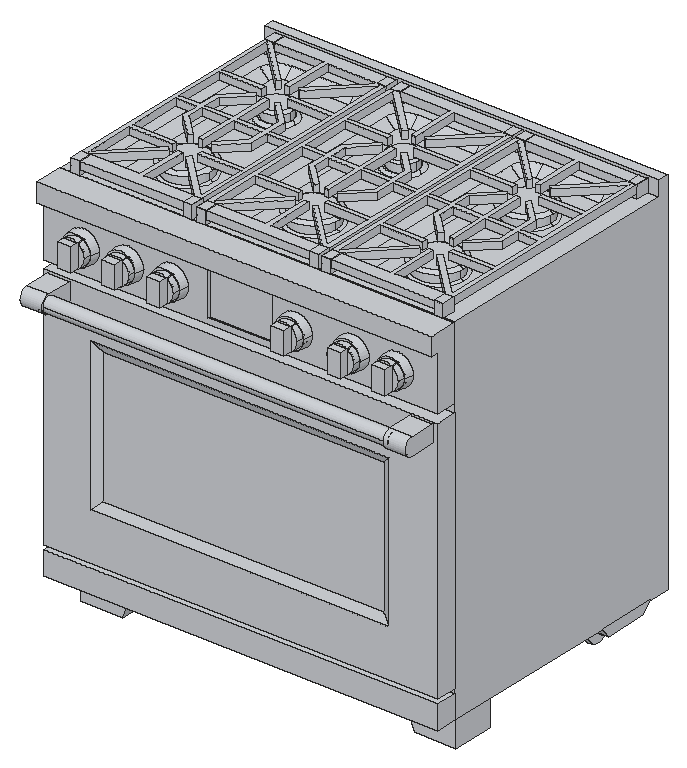
Revit family "DF36650_S_P", category Generic Models, Revit 2020
Family settings
  Can host rebar = No
  Round Connector Dimension = Use Diameter
  Part Type = Normal
  Work Plane-Based = No
  Always vertical = Yes
  Cut with Voids When Loaded = No
  Shared = No
  Room Calculation Point = No
Parameters
  Default Elevation = 0' - 0"
Reference planes (in)
  plane 1 "Center (Front/Back)": y = 0
  plane 2: z = 0
  plane 3 "Center (Left/Right)": x = 0
Forms (in)
  Extrusion 1, solid
    sketch origin (0, 0, 0) x (0, 1, 0) y (0, 0, 1)
      loop
        line (1.88976, 35.59055) -> (-0.70866, 35.59055) -> (-0.70866, 33.89764) -> (0, 33.89764) -> (0, 28.9252) -> (1.88976, 28.9252) -> (1.88976, 35.59055)
    from 0 to 35.86614
  Extrusion 2, solid
    sketch origin (0, 0, 0) x (0, 1, 0) y (0, 0, 1)
      loop
        line (26.14173, 36.9685) -> (25.15748, 36.9685) -> (25.15748, 35.59055) -> (1.9685, 35.59055) -> (1.9685, 3.14961) -> (26.14173, 3.14961) -> (26.14173, 36.9685)
    from 0 to 35.86614
  Extrusion 3, solid
    sketch origin (0, 0, 0) x (0, 1, 0) y (0, 0, 1)
      loop
        line (1.9685, 5.31496) -> (0, 5.31496) -> (0, 3.14961) -> (1.9685, 3.14961) -> (1.9685, 5.31496)
    from 0 to 35.86614
  Extrusion 4, solid
    sketch origin (0, 0, 0) x (0, 1, 0) y (0, 0, 1)
      loop
        line (0, 28.18898) -> (0, 5.70866) -> (1.9685, 5.70866) -> (1.9685, 28.18898) -> (0, 28.18898)
    from 0 to 35.86614
  Extrusion 5, solid
    sketch origin (0, 0, 0) x (0, 1, 0) y (0, 0, 1)
      loop
        line (0, 26.41732) -> (0, 27.99213) -> (-2.3622, 27.99213)
        arc (-2.3622, 27.99213) -> (-3.14961, 27.20472) -> (-2.3622, 26.41732) r 0.7874
        line (-2.3622, 26.41732) -> (0, 26.41732)
    from 0.40557 to 2.36419
  Extrusion 6, solid
    sketch origin (26.75, 0, 0) x (0, 1, 0) y (0, 0, 1)
      loop
        line (0, 26.41732) -> (0, 27.99213) -> (-2.3622, 27.99213)
        arc (-2.3622, 27.99213) -> (-3.14961, 27.20472) -> (-2.3622, 26.41732) r 0.7874
        line (-2.3622, 26.41732) -> (0, 26.41732)
    from 6.69488 to 8.70866
  Extrusion 7, solid
    sketch origin (0, 0, 0) x (0, 1, 0) y (0, 0, 1)
      loop
        circle (-2.41707, 27.24489) r 0.66649
    from 1.8261 to 33.83672
  Extrusion 8, solid
    sketch origin (0, 0, 0) x (1, 0, 0) y (0, 0, 1)
      loop
        line (0.84646, 3.14961) -> (0.84646, 0) -> (4.66535, 0) -> (5.90551, 3.14961) -> (0.84646, 3.14961)
    from -7.02923 to -3.18791
  Extrusion 9, solid
    sketch origin (5.98425, 0, 0) x (1, 0, 0) y (0, 0, 1)
      loop
        line (23.97638, 3.14961) -> (25.21654, 0) -> (29.03543, 0) -> (29.03543, 3.14961) -> (23.97638, 3.14961)
    from -7.02923 to -3.18791
  Extrusion 10, solid
    sketch origin (0, 0, 0) x (0, 1, 0) y (0, 0, 1)
      loop
        line (24.17323, 3.14961) -> (18.66142, 3.14961) -> (19.45248, 2.27893) -> (23.38927, 2.27893) -> (24.17323, 3.14961)
    from 0 to 4.72441
  Extrusion 11, solid
    sketch origin (0, 0, 0) x (0, 1, 0) y (0, 0, 1)
      loop
        line (22.5954, 2.27893) -> (20.23924, 2.27893) -> (21.02362, 1.10236) -> (21.81102, 1.10236) -> (22.5954, 2.27893)
    from 1.5748 to 3.93701
  Extrusion 12, solid
    sketch origin (0, 0, 0) x (0, 1, 0) y (0, 0, 1)
      loop
        circle (21.41732, 1.10236) r 1.1236
    from 2.55906 to 2.95276
  Extrusion 13, solid
    sketch origin (31.14173, 0, 0) x (0, 1, 0) y (0, 0, 1)
      loop
        line (24.17323, 3.14961) -> (18.66142, 3.14961) -> (19.45248, 2.27893) -> (23.38927, 2.27893) -> (24.17323, 3.14961)
    from 0 to 4.72441
  Extrusion 14, solid
    sketch origin (30.35735, 0, 0) x (0, 1, 0) y (0, 0, 1)
      loop
        line (22.5954, 2.27893) -> (20.23924, 2.27893) -> (21.02362, 1.10236) -> (21.81102, 1.10236) -> (22.5954, 2.27893)
    from 1.5748 to 3.93701
  Extrusion 15, solid
    sketch origin (30.35735, 0, 0) x (0, 1, 0) y (0, 0, 1)
      loop
        circle (21.41732, 1.10236) r 1.1236
    from 2.55906 to 2.95276
  Blend 16, solid
    base sketch origin (0, 0, 0) x (1, 0, 0) y (0, 0, 1)
      loop
        circle (3.62205, 31.31299) r 1.45314
    top sketch origin (0, 0, 0) x (1, 0, 0) y (0, 0, 1)
      loop
        circle (3.62205, 31.31299) r 1.33532
    from 0 to 0.7874
  Extrusion 17, solid
    sketch origin (0, 0, 0) x (1, 0, 0) y (0, 0, 1)
      loop
        circle (3.62205, 31.31299) r 1.21601
    from 0 to 1.37795
  Extrusion 18, solid
    sketch origin (0, 0, 0) x (1, 0, 0) y (0, 0, 1)
      loop
        line (3.0315, 32.37598) -> (3.0315, 30.29013) -> (4.2126, 30.29013) -> (4.2126, 32.37598) -> (3.0315, 32.37598)
    from 0 to 2.15573
  Blend 19, solid, not visible
    base sketch origin (0, 0, 0) x (1, 0, 0) y (0, 0, 1)
      loop
        circle (3.62205, 31.31299) r 1.45314
    top sketch origin (0, 0, 0) x (1, 0, 0) y (0, 0, 1)
      loop
        circle (3.62205, 31.31299) r 1.33532
    from 0 to 0.7874
  Extrusion 20, solid, not visible
    sketch origin (0, 0, 0) x (1, 0, 0) y (0, 0, 1)
      loop
        circle (3.62205, 31.31299) r 1.21601
    from 0 to 1.37795
  Extrusion 21, solid, not visible
    sketch origin (0, 0, 0) x (1, 0, 0) y (0, 0, 1)
      loop
        line (3.0315, 32.37598) -> (3.0315, 30.29013) -> (4.2126, 30.29013) -> (4.2126, 32.37598) -> (3.0315, 32.37598)
    from 0 to 2.15573
  Blend 22, solid
    base sketch origin (4.01575, 0, 0) x (1, 0, 0) y (0, 0, 1)
      loop
        circle (3.62205, 31.31299) r 1.45314
    top sketch origin (4.01575, 0, 0) x (1, 0, 0) y (0, 0, 1)
      loop
        circle (3.62205, 31.31299) r 1.33532
    from 0 to 0.7874
  Extrusion 23, solid
    sketch origin (4.01575, 0, 0) x (1, 0, 0) y (0, 0, 1)
      loop
        circle (3.62205, 31.31299) r 1.21601
    from 0 to 1.37795
  Extrusion 24, solid
    sketch origin (4.01575, 0, 0) x (1, 0, 0) y (0, 0, 1)
      loop
        line (3.0315, 32.37598) -> (3.0315, 30.29013) -> (4.2126, 30.29013) -> (4.2126, 32.37598) -> (3.0315, 32.37598)
    from 0 to 2.15573
  Blend 25, solid
    base sketch origin (8.09755, 0, 0) x (1, 0, 0) y (0, 0, 1)
      loop
        circle (3.62205, 31.31299) r 1.45314
    top sketch origin (8.09755, 0, 0) x (1, 0, 0) y (0, 0, 1)
      loop
        circle (3.62205, 31.31299) r 1.33532
    from 0 to 0.7874
  Extrusion 26, solid
    sketch origin (8.09755, 0, 0) x (1, 0, 0) y (0, 0, 1)
      loop
        circle (3.62205, 31.31299) r 1.21601
    from 0 to 1.37795
  Extrusion 27, solid
    sketch origin (8.09755, 0, 0) x (1, 0, 0) y (0, 0, 1)
      loop
        line (3.0315, 32.37598) -> (3.0315, 30.29013) -> (4.2126, 30.29013) -> (4.2126, 32.37598) -> (3.0315, 32.37598)
    from 0 to 2.15573
  Blend 28, solid
    base sketch origin (19.36322, 0, 0) x (1, 0, 0) y (0, 0, 1)
      loop
        circle (3.62205, 31.31299) r 1.45314
    top sketch origin (19.36322, 0, 0) x (1, 0, 0) y (0, 0, 1)
      loop
        circle (3.62205, 31.31299) r 1.33532
    from 0 to 0.7874
  Extrusion 29, solid
    sketch origin (19.36322, 0, 0) x (1, 0, 0) y (0, 0, 1)
      loop
        circle (3.62205, 31.31299) r 1.21601
    from 0 to 1.37795
  Extrusion 30, solid
    sketch origin (19.36322, 0, 0) x (1, 0, 0) y (0, 0, 1)
      loop
        line (3.0315, 32.37598) -> (3.0315, 30.29013) -> (4.2126, 30.29013) -> (4.2126, 32.37598) -> (3.0315, 32.37598)
    from 0 to 2.15573
  Blend 31, solid
    base sketch origin (24.52756, 0, 0) x (1, 0, 0) y (0, 0, 1)
      loop
        circle (3.62205, 31.31299) r 1.45314
    top sketch origin (24.52756, 0, 0) x (1, 0, 0) y (0, 0, 1)
      loop
        circle (3.62205, 31.31299) r 1.33532
    from 0 to 0.7874
  Extrusion 32, solid
    sketch origin (24.52756, 0, 0) x (1, 0, 0) y (0, 0, 1)
      loop
        circle (3.62205, 31.31299) r 1.21601
    from 0 to 1.37795
  Extrusion 33, solid
    sketch origin (24.52756, 0, 0) x (1, 0, 0) y (0, 0, 1)
      loop
        line (3.0315, 32.37598) -> (3.0315, 30.29013) -> (4.2126, 30.29013) -> (4.2126, 32.37598) -> (3.0315, 32.37598)
    from 0 to 2.15573
  Extrusion 34, void
    sketch origin (0, 0, 0) x (1, 0, 0) y (0, 0, 1)
      loop
        line (20.89567, 33.47638) -> (14.96654, 33.47638) -> (14.96654, 29.46063) -> (20.89567, 29.46063) -> (20.89567, 33.47638)
    from -0.22861 to 12
  Blend 35, void
    base sketch origin (0, 0, 0) x (1, 0, 0) y (0, 0, 1)
      loop
        line (5.09843, 23.05118) -> (5.09843, 10.84646) -> (30.62992, 10.84646) -> (30.62992, 23.05118) -> (5.09843, 23.05118)
    top sketch origin (0, 0, 0) x (1, 0, 0) y (0, 0, 1)
      loop
        line (31.41732, 23.83858) -> (4.31102, 23.83858) -> (4.31102, 10.05905) -> (31.41732, 10.05905) -> (31.41732, 23.83858)
    from -0.3937 to 0
  Blend 36, void
    base sketch origin (-0.55118, 0, 0) x (1, 0, 0) y (0, 1, 0)
      loop
        arc (4.14855, 22.95276) -> (3.56747, 22.71206) -> (3.32677, 22.13098) r 0.82178
        line (3.32677, 22.13098) -> (3.32677, 4.8769)
        arc (3.32677, 4.8769) -> (3.56747, 4.29581) -> (4.14855, 4.05512) r 0.82178
        line (4.14855, 4.05512) -> (9.98531, 4.05512)
        arc (9.98531, 4.05512) -> (10.56639, 4.29581) -> (10.80709, 4.8769) r 0.82178
        line (10.80709, 4.8769) -> (10.80709, 22.13098)
        arc (10.80709, 22.13098) -> (10.56639, 22.71206) -> (9.98531, 22.95276) r 0.82178
        line (9.98531, 22.95276) -> (4.14855, 22.95276)
    top sketch origin (-0.55118, 0, 0) x (1, 0, 0) y (0, 1, 0)
      loop
        arc (4.12346, 23.74016) -> (2.98272, 23.26764) -> (2.5102, 22.1269) r 1.61326
        line (2.5102, 22.1269) -> (2.5102, 4.8769)
        arc (2.5102, 4.8769) -> (2.98101, 3.74026) -> (4.11765, 3.26945) r 1.60744
        line (4.11765, 3.26945) -> (10.0306, 3.26945)
        arc (10.0306, 3.26945) -> (11.13644, 3.7275) -> (11.59449, 4.83334) r 1.56388
        line (11.59449, 4.83334) -> (11.59449, 22.13098)
        arc (11.59449, 22.13098) -> (11.12317, 23.26884) -> (9.98531, 23.74016) r 1.60918
        line (9.98531, 23.74016) -> (4.12346, 23.74016)
    from 34.80848 to 35.59055
  Blend 37, void
    base sketch origin (22.28547, 0, 0) x (1, 0, 0) y (0, 1, 0)
      loop
        arc (4.14855, 22.95276) -> (3.56747, 22.71206) -> (3.32677, 22.13098) r 0.82178
        line (3.32677, 22.13098) -> (3.32677, 4.8769)
        arc (3.32677, 4.8769) -> (3.56747, 4.29581) -> (4.14855, 4.05512) r 0.82178
        line (4.14855, 4.05512) -> (9.98531, 4.05512)
        arc (9.98531, 4.05512) -> (10.56639, 4.29581) -> (10.80709, 4.8769) r 0.82178
        line (10.80709, 4.8769) -> (10.80709, 22.13098)
        arc (10.80709, 22.13098) -> (10.56639, 22.71206) -> (9.98531, 22.95276) r 0.82178
        line (9.98531, 22.95276) -> (4.14855, 22.95276)
    top sketch origin (22.28547, 0, 0) x (1, 0, 0) y (0, 1, 0)
      loop
        arc (4.12346, 23.74016) -> (2.98272, 23.26764) -> (2.5102, 22.1269) r 1.61326
        line (2.5102, 22.1269) -> (2.5102, 4.8769)
        arc (2.5102, 4.8769) -> (2.98101, 3.74026) -> (4.11765, 3.26945) r 1.60744
        line (4.11765, 3.26945) -> (10.0306, 3.26945)
        arc (10.0306, 3.26945) -> (11.13644, 3.7275) -> (11.59449, 4.83334) r 1.56388
        line (11.59449, 4.83334) -> (11.59449, 22.13098)
        arc (11.59449, 22.13098) -> (11.12317, 23.26884) -> (9.98531, 23.74016) r 1.60918
        line (9.98531, 23.74016) -> (4.12346, 23.74016)
    from 34.80848 to 35.59055
  Extrusion 38, solid
    sketch origin (-0.55118, 0, 0) x (1, 0, 0) y (0, 1, 0)
      loop
        line (1.55512, 25.15748) -> (1.55512, 1.88976) -> (12.57874, 1.88976) -> (12.57874, 25.15748) -> (1.55512, 25.15748)
      loop
        line (2.22659, 23.93701) -> (6.25887, 19.90473) -> (5.97639, 19.62225) -> (1.94342, 23.65522) -> (1.94342, 18.58268) -> (5.88583, 18.58268) -> (5.88583, 18.18898) -> (1.94342, 18.18898) -> (1.94342, 13.70079) -> (3.91732, 13.70079) -> (3.91732, 15.35713) -> (5.94192, 17.38172) -> (6.22031, 17.10333) -> (4.31102, 15.19405) -> (4.31102, 13.70079) -> (6.87008, 13.70079) -> (6.87008, 17.27886) -> (7.26545, 17.27886) -> (7.26545, 13.70079) -> (9.82036, 13.70079) -> (9.82036, 15.19738) -> (7.91548, 17.10225) -> (8.19345, 17.38021) -> (10.21654, 15.35713) -> (10.21654, 13.70079) -> (12.18504, 13.70079) -> (12.18504, 18.18898) -> (8.24803, 18.18898) -> (8.24803, 18.58268) -> (12.18504, 18.58268) -> (12.18504, 23.65908) -> (8.15161, 19.62565) -> (7.86344, 19.91382) -> (11.88664, 23.93701) -> (7.26378, 23.93701) -> (7.26378, 19.6063) -> (6.87008, 19.6063) -> (6.87008, 23.93701) -> (2.22659, 23.93701)
      loop
        line (9.82036, 11.79288) -> (9.82036, 13.30709) -> (7.26545, 13.30709) -> (7.26545, 9.74409) -> (6.87008, 9.74409) -> (6.87008, 13.30709) -> (4.31102, 13.30709) -> (4.31102, 11.81382) -> (6.22187, 9.90297) -> (5.94348, 9.62459) -> (3.91732, 11.65075) -> (3.91732, 13.31073) -> (1.94342, 13.31073) -> (1.94342, 8.38583) -> (5.88583, 8.38583) -> (5.88583, 7.99213) -> (1.94342, 7.99213) -> (1.94342, 3.37305) -> (5.97438, 7.40401) -> (6.26736, 7.11102) -> (2.22655, 3.07021) -> (6.86986, 3.07021) -> (6.86986, 7.40401) -> (7.26545, 7.40401) -> (7.26545, 3.07021) -> (11.90457, 3.07021) -> (7.84812, 7.12666) -> (8.11918, 7.39772) -> (12.18504, 3.33186) -> (12.18504, 7.99213) -> (8.24803, 7.99213) -> (8.24803, 8.38583) -> (12.18504, 8.38583) -> (12.18504, 13.30709) -> (10.21654, 13.30709) -> (10.21654, 11.65075) -> (8.19038, 9.62459) -> (7.92122, 9.89374) -> (9.82036, 11.79288)
    from 36.10253 to 36.77165
  Extrusion 39, solid
    sketch origin (-0.55118, 0, 0) x (1, 0, 0) y (0, 1, 0)
      loop
        line (11.79134, 3.07021) -> (11.79134, 1.88976) -> (12.57874, 1.88976) -> (12.57874, 3.07021) -> (11.79134, 3.07021)
      loop
        line (12.57874, 25.11811) -> (11.79134, 25.11811) -> (11.79134, 23.93701) -> (12.57874, 23.93701) -> (12.57874, 25.11811)
      loop
        line (1.55512, 25.11811) -> (1.55512, 23.93701) -> (2.34252, 23.93701) -> (2.34252, 25.11811) -> (1.55512, 25.11811)
      loop
        line (2.34252, 3.07021) -> (1.55512, 3.07021) -> (1.55512, 1.88976) -> (2.34252, 1.88976) -> (2.34252, 3.07021)
    from 35.59055 to 36.77165
  Extrusion 40, solid
    sketch origin (22.2818, 0, 0) x (1, 0, 0) y (0, 1, 0)
      loop
        line (1.55512, 25.15748) -> (1.55512, 1.88976) -> (12.57874, 1.88976) -> (12.57874, 25.15748) -> (1.55512, 25.15748)
      loop
        line (2.22659, 23.93701) -> (6.25887, 19.90473) -> (5.97639, 19.62225) -> (1.94342, 23.65522) -> (1.94342, 18.58268) -> (5.88583, 18.58268) -> (5.88583, 18.18898) -> (1.94342, 18.18898) -> (1.94342, 13.70079) -> (3.91732, 13.70079) -> (3.91732, 15.35713) -> (5.94192, 17.38172) -> (6.22031, 17.10333) -> (4.31102, 15.19405) -> (4.31102, 13.70079) -> (6.87008, 13.70079) -> (6.87008, 17.27886) -> (7.26545, 17.27886) -> (7.26545, 13.70079) -> (9.82036, 13.70079) -> (9.82036, 15.19738) -> (7.91548, 17.10225) -> (8.19345, 17.38021) -> (10.21654, 15.35713) -> (10.21654, 13.70079) -> (12.18504, 13.70079) -> (12.18504, 18.18898) -> (8.24803, 18.18898) -> (8.24803, 18.58268) -> (12.18504, 18.58268) -> (12.18504, 23.65908) -> (8.15161, 19.62565) -> (7.86344, 19.91382) -> (11.88664, 23.93701) -> (7.26378, 23.93701) -> (7.26378, 19.6063) -> (6.87008, 19.6063) -> (6.87008, 23.93701) -> (2.22659, 23.93701)
      loop
        line (9.82036, 11.79288) -> (9.82036, 13.30709) -> (7.26545, 13.30709) -> (7.26545, 9.74409) -> (6.87008, 9.74409) -> (6.87008, 13.30709) -> (4.31102, 13.30709) -> (4.31102, 11.81382) -> (6.22187, 9.90297) -> (5.94348, 9.62459) -> (3.91732, 11.65075) -> (3.91732, 13.31073) -> (1.94342, 13.31073) -> (1.94342, 8.38583) -> (5.88583, 8.38583) -> (5.88583, 7.99213) -> (1.94342, 7.99213) -> (1.94342, 3.37305) -> (5.97438, 7.40401) -> (6.26736, 7.11102) -> (2.22655, 3.07021) -> (6.86986, 3.07021) -> (6.86986, 7.40401) -> (7.26545, 7.40401) -> (7.26545, 3.07021) -> (11.90457, 3.07021) -> (7.84812, 7.12666) -> (8.11918, 7.39772) -> (12.18504, 3.33186) -> (12.18504, 7.99213) -> (8.24803, 7.99213) -> (8.24803, 8.38583) -> (12.18504, 8.38583) -> (12.18504, 13.30709) -> (10.21654, 13.30709) -> (10.21654, 11.65075) -> (8.19038, 9.62459) -> (7.92122, 9.89374) -> (9.82036, 11.79288)
    from 36.10253 to 36.77165
  Extrusion 41, solid
    sketch origin (22.2818, 0, 0) x (1, 0, 0) y (0, 1, 0)
      loop
        line (11.79134, 3.07021) -> (11.79134, 1.88976) -> (12.57874, 1.88976) -> (12.57874, 3.07021) -> (11.79134, 3.07021)
      loop
        line (12.57874, 25.11811) -> (11.79134, 25.11811) -> (11.79134, 23.93701) -> (12.57874, 23.93701) -> (12.57874, 25.11811)
      loop
        line (1.55512, 25.11811) -> (1.55512, 23.93701) -> (2.34252, 23.93701) -> (2.34252, 25.11811) -> (1.55512, 25.11811)
      loop
        line (2.34252, 3.07021) -> (1.55512, 3.07021) -> (1.55512, 1.88976) -> (2.34252, 1.88976) -> (2.34252, 3.07021)
    from 35.59055 to 36.77165
  Blend 42, solid
    base sketch origin (-0.55118, 0, 0) x (1, 0, 0) y (0, 1, 0)
      loop
        circle (7.09071, 18.35456) r 1.75898
    top sketch origin (-0.55118, 0, 0) x (1, 0, 0) y (0, 1, 0)
      loop
        circle (7.09071, 18.35456) r 1.42487
    from 34.80848 to 34.99711
  Blend 43, solid
    base sketch origin (-0.55118, -10.19685, 0) x (1, 0, 0) y (0, 1, 0)
      loop
        circle (7.09071, 18.35456) r 2.38325
    top sketch origin (-0.55118, -10.19685, 0) x (1, 0, 0) y (0, 1, 0)
      loop
        circle (7.09071, 18.35456) r 2
    from 34.80848 to 34.99711
  Extrusion 44, solid
    sketch origin (-0.55118, 0, 0) x (1, 0, 0) y (0, 1, 0)
      loop
        circle (7.10752, 18.34098) r 1.28657
    from 34.80848 to 35.7874
  Extrusion 45, solid
    sketch origin (-0.55118, -10.19685, 0) x (1, 0, 0) y (0, 1, 0)
      loop
        circle (7.10752, 18.34098) r 2.08832
    from 34.80848 to 35.7874
  Blend 46, solid
    base sketch origin (-0.55118, 0, 0.97892) x (1, 0, 0) y (0, 1, 0)
      loop
        circle (7.09071, 18.35456) r 1.42487
    top sketch origin (-0.55118, 0, 0.97892) x (1, 0, 0) y (0, 1, 0)
      loop
        circle (7.09071, 18.35456) r 1.25
    from 34.80848 to 34.99711
  Blend 47, solid
    base sketch origin (-0.55118, -10.19685, 0.97892) x (1, 0, 0) y (0, 1, 0)
      loop
        circle (7.09071, 18.35456) r 2.38325
    top sketch origin (-0.55118, -10.19685, 0.97892) x (1, 0, 0) y (0, 1, 0)
      loop
        circle (7.09071, 18.35456) r 2
    from 34.80848 to 34.99711
  Blend 48, solid
    base sketch origin (22.2818, 0, 0) x (1, 0, 0) y (0, 1, 0)
      loop
        circle (7.09071, 18.35456) r 2.38325
    top sketch origin (22.2818, 0, 0) x (1, 0, 0) y (0, 1, 0)
      loop
        circle (7.09071, 18.35456) r 2
    from 34.80848 to 34.99711
  Extrusion 49, solid
    sketch origin (22.2818, 0, 0) x (1, 0, 0) y (0, 1, 0)
      loop
        circle (7.10752, 18.34098) r 2.08832
    from 34.80848 to 35.7874
  Blend 50, solid
    base sketch origin (22.2818, 0, 0.97892) x (1, 0, 0) y (0, 1, 0)
      loop
        circle (7.09071, 18.35456) r 2.38325
    top sketch origin (22.2818, 0, 0.97892) x (1, 0, 0) y (0, 1, 0)
      loop
        circle (7.09071, 18.35456) r 2
    from 34.80848 to 34.99711
  Blend 51, solid
    base sketch origin (22.2818, -10.19685, 0) x (1, 0, 0) y (0, 1, 0)
      loop
        circle (7.09071, 18.35456) r 2.38325
    top sketch origin (22.2818, -10.19685, 0) x (1, 0, 0) y (0, 1, 0)
      loop
        circle (7.09071, 18.35456) r 2
    from 34.80848 to 34.99711
  Extrusion 52, solid
    sketch origin (22.2818, -10.19685, 0) x (1, 0, 0) y (0, 1, 0)
      loop
        circle (7.10752, 18.34098) r 2.08832
    from 34.80848 to 35.7874
  Blend 53, solid
    base sketch origin (22.2818, -10.19685, 0.97892) x (1, 0, 0) y (0, 1, 0)
      loop
        circle (7.09071, 18.35456) r 2.38325
    top sketch origin (22.2818, -10.19685, 0.97892) x (1, 0, 0) y (0, 1, 0)
      loop
        circle (7.09071, 18.35456) r 2
    from 34.80848 to 34.99711
  Blend 54, solid
    base sketch origin (28.56299, 0, 0) x (1, 0, 0) y (0, 0, 1)
      loop
        circle (3.62205, 31.31299) r 1.45314
    top sketch origin (28.56299, 0, 0) x (1, 0, 0) y (0, 0, 1)
      loop
        circle (3.62205, 31.31299) r 1.33532
    from 0 to 0.7874
  Extrusion 55, solid
    sketch origin (28.56299, 0, 0) x (1, 0, 0) y (0, 0, 1)
      loop
        circle (3.62205, 31.31299) r 1.21601
    from 0 to 1.37795
  Extrusion 56, solid
    sketch origin (28.56299, 0, 0) x (1, 0, 0) y (0, 0, 1)
      loop
        line (3.0315, 32.37598) -> (3.0315, 30.29013) -> (4.2126, 30.29013) -> (4.2126, 32.37598) -> (3.0315, 32.37598)
    from 0 to 2.15573
  Extrusion 57, solid
    sketch origin (10.93176, 0, 0) x (1, 0, 0) y (0, 1, 0)
      loop
        line (1.55512, 25.15748) -> (1.55512, 1.88976) -> (12.57874, 1.88976) -> (12.57874, 25.15748) -> (1.55512, 25.15748)
      loop
        line (2.22659, 23.93701) -> (6.25887, 19.90473) -> (5.97639, 19.62225) -> (1.94342, 23.65522) -> (1.94342, 18.58268) -> (5.88583, 18.58268) -> (5.88583, 18.18898) -> (1.94342, 18.18898) -> (1.94342, 13.70079) -> (3.91732, 13.70079) -> (3.91732, 15.35713) -> (5.94192, 17.38172) -> (6.22031, 17.10333) -> (4.31102, 15.19405) -> (4.31102, 13.70079) -> (6.87008, 13.70079) -> (6.87008, 17.27886) -> (7.26545, 17.27886) -> (7.26545, 13.70079) -> (9.82036, 13.70079) -> (9.82036, 15.19738) -> (7.91548, 17.10225) -> (8.19345, 17.38021) -> (10.21654, 15.35713) -> (10.21654, 13.70079) -> (12.18504, 13.70079) -> (12.18504, 18.18898) -> (8.24803, 18.18898) -> (8.24803, 18.58268) -> (12.18504, 18.58268) -> (12.18504, 23.65908) -> (8.15161, 19.62565) -> (7.86344, 19.91382) -> (11.88664, 23.93701) -> (7.26378, 23.93701) -> (7.26378, 19.6063) -> (6.87008, 19.6063) -> (6.87008, 23.93701) -> (2.22659, 23.93701)
      loop
        line (9.82036, 11.79288) -> (9.82036, 13.30709) -> (7.26545, 13.30709) -> (7.26545, 9.74409) -> (6.87008, 9.74409) -> (6.87008, 13.30709) -> (4.31102, 13.30709) -> (4.31102, 11.81382) -> (6.22187, 9.90297) -> (5.94348, 9.62459) -> (3.91732, 11.65075) -> (3.91732, 13.31073) -> (1.94342, 13.31073) -> (1.94342, 8.38583) -> (5.88583, 8.38583) -> (5.88583, 7.99213) -> (1.94342, 7.99213) -> (1.94342, 3.37305) -> (5.97438, 7.40401) -> (6.26736, 7.11102) -> (2.22655, 3.07021) -> (6.86986, 3.07021) -> (6.86986, 7.40401) -> (7.26545, 7.40401) -> (7.26545, 3.07021) -> (11.90457, 3.07021) -> (7.84812, 7.12666) -> (8.11918, 7.39772) -> (12.18504, 3.33186) -> (12.18504, 7.99213) -> (8.24803, 7.99213) -> (8.24803, 8.38583) -> (12.18504, 8.38583) -> (12.18504, 13.30709) -> (10.21654, 13.30709) -> (10.21654, 11.65075) -> (8.19038, 9.62459) -> (7.92122, 9.89374) -> (9.82036, 11.79288)
    from 36.10253 to 36.77165
  Extrusion 58, solid
    sketch origin (10.93176, 0, 0) x (1, 0, 0) y (0, 1, 0)
      loop
        line (11.79134, 3.07021) -> (11.79134, 1.88976) -> (12.57874, 1.88976) -> (12.57874, 3.07021) -> (11.79134, 3.07021)
      loop
        line (12.57874, 25.11811) -> (11.79134, 25.11811) -> (11.79134, 23.93701) -> (12.57874, 23.93701) -> (12.57874, 25.11811)
      loop
        line (1.55512, 25.11811) -> (1.55512, 23.93701) -> (2.34252, 23.93701) -> (2.34252, 25.11811) -> (1.55512, 25.11811)
      loop
        line (2.34252, 3.07021) -> (1.55512, 3.07021) -> (1.55512, 1.88976) -> (2.34252, 1.88976) -> (2.34252, 3.07021)
    from 35.59055 to 36.77165
  Blend 59, solid
    base sketch origin (10.93176, 0, 0.97892) x (1, 0, 0) y (0, 1, 0)
      loop
        circle (7.09071, 18.35456) r 1.42487
    top sketch origin (10.93176, 0, 0.97892) x (1, 0, 0) y (0, 1, 0)
      loop
        circle (7.09071, 18.35456) r 1.25
    from 34.80848 to 34.99711
  Blend 60, solid
    base sketch origin (10.93176, -10.19685, 0.97892) x (1, 0, 0) y (0, 1, 0)
      loop
        circle (7.09071, 18.35456) r 2.38325
    top sketch origin (10.93176, -10.19685, 0.97892) x (1, 0, 0) y (0, 1, 0)
      loop
        circle (7.09071, 18.35456) r 2
    from 34.80848 to 34.99711
  Extrusion 61, solid
    sketch origin (10.93176, 0, 0) x (1, 0, 0) y (0, 1, 0)
      loop
        circle (7.10752, 18.34098) r 1.28657
    from 34.80848 to 35.7874
  Extrusion 62, solid
    sketch origin (10.93176, -10.19685, 0) x (1, 0, 0) y (0, 1, 0)
      loop
        circle (7.10752, 18.34098) r 2.08832
    from 34.80848 to 35.7874
  Blend 63, solid
    base sketch origin (10.93176, 0, 0.97892) x (1, 0, 0) y (0, 1, 0)
      loop
        circle (7.09071, 18.35456) r 1.42487
    top sketch origin (10.93176, 0, 0.97892) x (1, 0, 0) y (0, 1, 0)
      loop
        circle (7.09071, 18.35456) r 1.25
    from 34.80848 to 34.99711
  Blend 64, void
    base sketch origin (10.93176, 0, 0) x (1, 0, 0) y (0, 1, 0)
      loop
        arc (4.14855, 22.95276) -> (3.56747, 22.71206) -> (3.32677, 22.13098) r 0.82178
        line (3.32677, 22.13098) -> (3.32677, 4.8769)
        arc (3.32677, 4.8769) -> (3.56747, 4.29581) -> (4.14855, 4.05512) r 0.82178
        line (4.14855, 4.05512) -> (9.98531, 4.05512)
        arc (9.98531, 4.05512) -> (10.56639, 4.29581) -> (10.80709, 4.8769) r 0.82178
        line (10.80709, 4.8769) -> (10.80709, 22.13098)
        arc (10.80709, 22.13098) -> (10.56639, 22.71206) -> (9.98531, 22.95276) r 0.82178
        line (9.98531, 22.95276) -> (4.14855, 22.95276)
    top sketch origin (10.93176, 0, 0) x (1, 0, 0) y (0, 1, 0)
      loop
        arc (4.12346, 23.74016) -> (2.98272, 23.26764) -> (2.5102, 22.1269) r 1.61326
        line (2.5102, 22.1269) -> (2.5102, 4.8769)
        arc (2.5102, 4.8769) -> (2.98101, 3.74026) -> (4.11765, 3.26945) r 1.60744
        line (4.11765, 3.26945) -> (10.0306, 3.26945)
        arc (10.0306, 3.26945) -> (11.13644, 3.7275) -> (11.59449, 4.83334) r 1.56388
        line (11.59449, 4.83334) -> (11.59449, 22.13098)
        arc (11.59449, 22.13098) -> (11.12317, 23.26884) -> (9.98531, 23.74016) r 1.60918
        line (9.98531, 23.74016) -> (4.12346, 23.74016)
    from 34.80848 to 35.59055
  Blend 65, solid
    base sketch origin (10.93176, 0, 0) x (1, 0, 0) y (0, 1, 0)
      loop
        circle (7.09071, 18.35456) r 1.75898
    top sketch origin (10.93176, 0, 0) x (1, 0, 0) y (0, 1, 0)
      loop
        circle (7.09071, 18.35456) r 1.42487
    from 34.80848 to 34.99711
  Blend 66, solid
    base sketch origin (10.93176, -10.19685, 0) x (1, 0, 0) y (0, 1, 0)
      loop
        circle (7.09071, 18.35456) r 2.38325
    top sketch origin (10.93176, -10.19685, 0) x (1, 0, 0) y (0, 1, 0)
      loop
        circle (7.09071, 18.35456) r 2
    from 34.80848 to 34.99711
Cuts and joins
  Extrusion 34 cuts Extrusion 1
  Blend 35 cuts Extrusion 4
  Blend 36, Blend 37, Blend 64 cuts Extrusion 2
  Blend 36 cuts Extrusion 8
  Blend 36 cuts Extrusion 10
  Blend 36 cuts Extrusion 11
  Blend 64 cuts Blend 42
  Blend 64 cuts Blend 43
  Blend 64 cuts Extrusion 44
  Blend 64 cuts Extrusion 45
Dimensions and locks (in)
  aligned and locked: plane 2 to level
